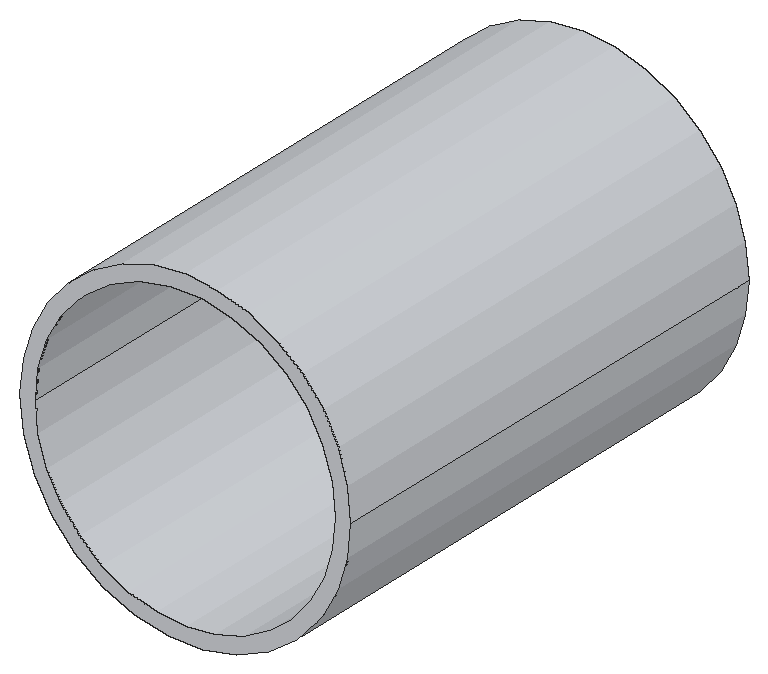
Revit family "SC1B", category Generic Models, Revit 2017
Family settings
  Can host rebar = No
  Round Connector Dimension = Use Diameter
  Part Type = Normal
  Work Plane-Based = Yes
  Always vertical = No
  Cut with Voids When Loaded = No
  Shared = No
  Room Calculation Point = No
Parameters (values of type "NBS Standard Parameters")
  Weight = "0.0247Kg"
  WarrantyStartDate [instance] = "1900-12-31T23:59:59"
  WarrantyGuarantorParts = "n/a"
  WarrantyGuarantorLabor = "n/a"
  WarrantyDurationUnit = "1 year"
  WarrantyDurationParts = "n/a"
  WarrantyDurationLabor = "n/a"
  WarrantyDescription = "n/a"
  Version = "1"
  Uniclass2 = "Pr_65_70_11_20"
  TagNumber [instance] = "n/a"
  SustainabilityPerformance = "n/a"
  Size = "20mm"
  Shape = "Circular"
  SerialNumber [instance] = "n/a"
  Revision = "n/a"
  ReplacementCost = "n/a"
  ProductInformation = "www.metpro.co.uk/pdf/sc1g.pdf"
  NominalWidth = 22 mm
  NominalLength = 22 mm
  NominalHeight = 33 mm
  Name = ""
  NBSTypeID = ""
  NBSReference = "90-55-10/460"
  NBSOfficeMasterTag = ""
  NBSNote = ""
  NBSDescription = "Conduit Fittings"
  NBSCertification = ""
  ModelReference = "SC1B"
  ModelNumber = "n/a"
  Material = "Steel"
  ManufacturerURL = "www.metpro.co..uk"
  ManufacturerName = "Metpro Ltd"
  InstallationDate [instance] = "1900-12-31T23:59:59"
  IfcExportType = ""
  IfcExportAs = ""
  Grade = "n/a"
  Finish = "Black"
  Features = "n/a"
  ExpectedLife = "n/a"
  DurationUnit = "year"
  Description = "SC1B   - 20mm Conduit Solid Coupler"
  Default Elevation = 1219.2 mm
  Constituents = "n/a"
  Color = "n/a"
  CodePerformance = "n/a"
  Category = "n/a"
  BarCode [instance] = "n/a"
  BIMObjectName = "Metpro_metprolibrary_conduitfittings_metalcomponent_steelaccessories"
  Author = "Metpro Ltd"
  AssetType = ""
  AssetIdentifier [instance] = "n/a"
  AccessibilityPerformance = "n/a"
Reference planes
  plane 1 "Center (Front/Back)": y = 0
  plane 2: z = 0
  plane 3 "Center (Left/Right)": x = 0
Forms (mm)
  Extrusion 1, solid
    sketch origin (221, -7.414, 25.952) x (-1, 0, 0) y (0, 0, 1)
      loop
        circle (210, 20) r 10
      loop
        circle (210, 20) r 11
    from 0 to 33
Dimensions and locks
  aligned and locked: level to plane 2
